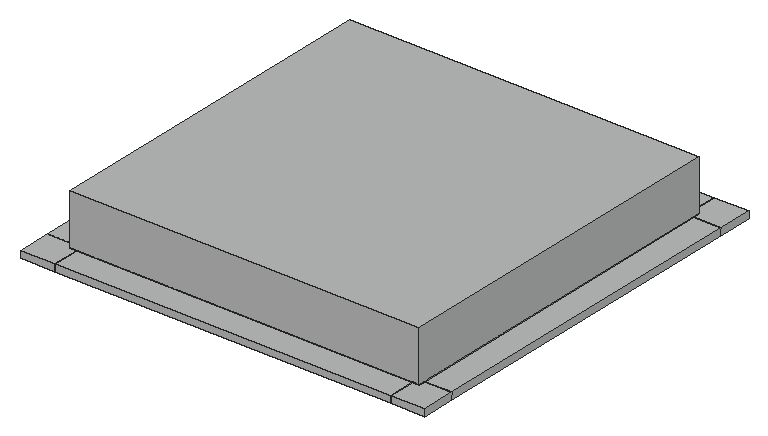
Revit family "ALUMOGIPS", category Осветительные приборы, Revit 2019 (continued)
Types (72, lengths in mm): name | Файл фотометрической сетки | built-in parameter 1150105 | Lumens | built-in parameter 1150106 | built-in parameter 1150142 | Wattage | Emit from Rectangle Width | Emit from Rectangle Length | Длина | Материал светильника | Ширина | ADSK_Ток | ADSK_Полная мощность | ADSK_Обозначение | ADSK_Номинальная мощность | ADSK_Наименование | ADSK_Масса | ADSK_Код изделия
  Alumogips-76/opal-sand 595х1195 (IP40, 4000К, серый) | "Светильник ALUMOGIPS-76 OPAL-SAND-(595x1195).IES" | 604.79 (stored number, unit not read) | 7600 lm | 6.0479 (stored number, unit not read) | "IESNA:LM-63-95\r\n[TEST] Протокол № 9 \r\n[DATA]17.06.2016\r\n[MORE] \r\n[MANUFAC] ЗАО \"Центрстройсвет\"\r\n[LUMCAT]  Светильник CSVT ALUMOGIPS 76/OPAL-SAND-(595x1195)\r\n[LUMINAIRE]\r\n[LAMPCAT] Светодиоды\r\n[LAMP] Поток источника света (светодиодов) не известен\r\n[MORE] КСС приведена в абсолютных величинах кд\r\n[MORE] Вместо потока лампы, указан поток светильника.\r\nTILT=NONE\r\n1    7550 1.0 37 73 1 2 0.595 1.195 0.04\r\n1.0 1.0 74.9\r\n0.0 5.0 10.0 15.0 20.0 25.0 30.0 35.0 40.0 45.0 50.0 55.0 60.0 65.0 70.0 75.0 80.0 85.0 90.0 95.0 100.0 105.0 110.0 115.0 120.0 125.0 130.0 135.0 140.0 145.0 150.0 155.0 160.0 165.0 170.0 175.0 180.0\r\n0.0 5.0 10.0 15.0 20.0 25.0 30.0 35.0 40.0 45.0 50.0 55.0 60.0 65.0 70.0 75.0 80.0 85.0 90.0 95.0 100.0 105.0 110.0 115.0 120.0 125.0 130.0 135.0 140.0 145.0 150.0 155.0 160.0 165.0 170.0 175.0 180.0 185.0 190.0 195.0 200.0 205.0 210.0 215.0 220.0 225.0 230.0 235.0 240.0 245.0 250.0 255.0 260.0 265.0 270.0 275.0 280.0 285.0 290.0 295.0 300.0 305.0 310.0 315.0 320.0 325.0 330.0 335.0 340.0 345.0 350.0 355.0 360.0\r\n2801.4 2785.1 2737.6 2663.2 2562.0 2429.4 2290.6 2118.8 1925.9 1735.4 1535.0 1324.4 1112.9 901.8 690.7 489.4 303.1 133.0 17.7 0.1 0.0 0.0 0.0 0.0 0.0 0.0 0.0 0.0 0.0 0.0 0.1 0.0 0.0 0.0 0.0 0.0 0.0\r\n2801.4 2783.6 2740.4 2670.6 2563.2 2433.9 2284.8 2117.8 1931.7 1740.0 1531.7 1320.8 1111.8 900.3 688.8 487.1 302.0 131.8 17.4 0.1 0.0 0.0 0.0 0.0 0.0 0.0 0.0 0.0 0.0 0.1 0.2 0.0 0.0 0.0 0.0 0.0 0.0\r\n2801.4 2783.8 2740.1 2669.6 2559.8 2437.9 2282.9 2111.9 1930.5 1728.9 1531.4 1321.6 1111.6 899.1 686.0 486.5 299.7 131.3 16.8 0.0 0.0 0.0 0.0 0.0 0.0 0.0 0.0 0.0 0.0 0.2 0.2 0.0 0.0 0.0 0.0 0.0 0.0\r\n2801.4 2785.7 2740.9 2666.1 2563.1 2439.1 2281.6 2114.8 1927.2 1733.6 1527.4 1319.2 1106.4 894.2 684.5 484.4 297.8 130.0 15.9 0.0 0.0 0.0 0.0 0.0 0.0 0.0 0.0 0.0 0.0 0.2 0.2 0.0 0.0 0.0 0.0 0.0 0.0\r\n2801.4 2787.7 2735.0 2667.8 2565.9 2434.8 2279.5 2114.9 1929.7 1734.5 1529.4 1317.9 1103.8 893.2 684.3 483.2 295.6 129.2 15.3 0.0 0.0 0.0 0.0 0.0 0.0 0.0 0.0 0.0 0.0 0.2 0.3 0.0 0.0 0.0 0.0 0.0 0.0\r\n2801.4 2788.1 2737.0 2667.9 2568.6 2430.9 2285.5 2111.7 1926.2 1727.4 1528.1 1317.9 1105.0 892.3 683.4 483.3 294.5 128.2 14.9 0.0 0.0 0.0 0.0 0.0 0.0 0.0 0.0 0.0 0.0 0.2 0.3 0.0 0.0 0.0 0.0 0.0 0.0\r\n2801.4 2787.4 2739.0 2670.1 2564.0 2433.7 2278.9 2109.0 1926.1 1733.9 1524.6 1315.4 1104.0 890.7 681.8 479.4 293.8 128.0 14.6 0.0 0.0 0.0 0.0 0.0 0.0 0.0 0.0 0.0 0.0 0.1 0.3 0.1 0.0 0.0 0.0 0.0 0.0\r\n2801.4 2786.3 2739.7 2669.4 2557.4 2432.8 2277.6 2111.7 1931.1 1727.3 1525.2 1315.1 1102.2 889.6 681.4 479.6 291.8 127.8 14.2 0.0 0.0 0.0 0.0 0.0 0.0 0.0 0.0 0.0 0.0 0.1 0.3 0.2 0.0 0.0 0.0 0.0 0.0\r\n2801.4 2785.3 2742.5 2668.2 2563.1 2432.7 2280.9 2112.8 1924.8 1728.9 1524.9 1314.9 1101.8 890.7 677.5 480.9 291.0 127.5 13.7 0.0 0.0 0.0 0.0 0.0 0.0 0.0 0.0 0.0 0.0 0.0 0.3 0.2 0.0 0.0 0.0 0.0 0.0\r\n2801.4 2784.5 2742.4 2670.1 2562.6 2435.3 2283.6 2107.5 1924.8 1723.4 1524.0 1312.7 1101.8 886.6 680.9 477.5 290.9 127.4 13.2 0.0 0.0 0.0 0.0 0.0 0.0 0.0 0.0 0.0 0.0 0.0 0.2 0.2 0.0 0.0 0.0 0.0 0.0\r\n2801.4 2783.5 2743.9 2664.8 2565.6 2437.3 2287.2 2105.1 1922.5 1726.2 1522.2 1313.8 1100.7 888.5 679.6 476.6 290.4 127.0 12.5 0.0 0.0 0.0 0.0 0.0 0.0 0.0 0.0 0.0 0.0 0.0 0.2 0.3 0.0 0.0 0.0 0.0 0.0\r\n2801.4 2782.7 2742.5 2665.0 2564.3 2440.9 2278.7 2108.3 1920.9 1727.3 1521.8 1311.4 1099.6 888.9 677.4 478.3 289.0 127.4 12.0 0.0 0.0 0.0 0.0 0.0 0.0 0.0 0.0 0.0 0.0 0.0 0.2 0.4 0.0 0.0 0.0 0.0 0.0\r\n2801.4 2783.4 2743.4 2670.1 2565.6 2440.4 2281.8 2110.3 1923.2 1725.4 1520.9 1312.2 1097.8 887.1 679.8 476.2 289.6 126.5 11.0 0.0 0.0 0.0 0.0 0.0 0.0 0.0 0.0 0.0 0.0 0.0 0.2 0.5 0.0 0.0 0.0 0.0 0.0\r\n2801.4 2785.1 2742.5 2669.7 2568.0 2432.5 2279.3 2107.4 1924.9 1724.7 1522.4 1312.9 1100.4 886.8 678.4 476.6 291.0 125.4 10.2 0.0 0.0 0.0 0.0 0.0 0.0 0.0 0.0 0.0 0.0 0.0 0.2 0.5 0.0 0.0 0.0 0.0 0.0\r\n2801.4 2786.5 2740.0 2669.5 2575.5 2435.6 2280.3 2108.8 1922.7 1724.0 1526.1 1310.2 1095.3 887.4 677.8 477.5 287.8 127.4 10.0 0.0 0.0 0.0 0.0 0.0 0.0 0.0 0.0 0.0 0.0 0.0 0.2 0.6 0.0 0.0 0.0 0.0 0.0\r\n2801.4 2786.7 2740.5 2670.6 2573.0 2438.9 2275.4 2107.1 1917.0 1722.5 1517.4 1310.8 1097.8 887.0 678.6 476.7 287.7 127.4 9.4 0.0 0.0 0.0 0.0 0.0 0.0 0.0 0.0 0.0 0.0 0.0 0.1 0.7 0.0 0.0 0.0 0.0 0.0\r\n2801.4 2786.2 2741.4 2673.1 2574.2 2432.8 2279.2 2101.4 1922.2 1719.6 1519.1 1310.3 1098.5 884.9 676.9 471.5 290.5 126.8 9.3 0.0 0.0 0.0 0.0 0.0 0.0 0.0 0.0 0.0 0.0 0.0 0.1 0.7 0.0 0.0 0.0 0.0 0.0\r\n2801.4 2786.0 2743.7 2673.4 2579.7 2439.7 2280.3 2110.3 1920.8 1719.9 1524.4 1312.9 1099.7 886.3 677.8 474.8 288.9 127.4 9.7 0.0 0.0 0.0 0.0 0.0 0.0 0.0 0.0 0.0 0.0 0.0 0.1 0.8 0.0 0.0 0.0 0.0 0.0\r\n2801.4 2786.3 2742.9 2669.8 2577.9 2439.3 2277.0 2103.8 1922.6 1726.9 1519.1 1310.8 1097.5 886.4 677.5 472.8 288.8 128.0 9.4 0.0 0.0 0.0 0.0 0.0 0.0 0.0 0.0 0.0 0.0 0.0 0.1 0.8 0.0 0.0 0.0 0.0 0.0\r\n2801.4 2786.2 2743.1 2670.4 2578.2 2440.7 2276.9 2105.5 1923.0 1727.2 1519.6 1311.1 1096.4 886.5 676.9 471.9 288.6 128.0 9.3 0.0 0.0 0.0 0.0 0.0 0.0 0.0 0.0 0.0 0.0 0.0 0.1 0.8 0.0 0.0 0.0 0.0 0.0\r\n2801.4 2786.0 2743.4 2673.6 2579.2 2437.4 2278.9 2108.3 1921.0 1720.5 1524.2 1312.9 1099.5 886.0 678.5 475.2 288.9 127.7 9.7 0.0 0.0 0.0 0.0 0.0 0.0 0.0 0.0 0.0 0.0 0.0 0.1 0.7 0.0 0.0 0.0 0.0 0.0\r\n2801.4 2786.3 2741.0 2672.8 2573.1 2434.3 2279.9 2101.6 1921.5 1719.9 1519.4 1310.8 1098.8 884.7 676.7 472.2 290.2 126.2 9.4 0.0 0.0 0.0 0.0 0.0 0.0 0.0 0.0 0.0 0.0 0.0 0.1 0.7 0.0 0.0 0.0 0.0 0.0\r\n2801.4 2786.8 2740.4 2670.1 2573.6 2438.3 2275.9 2107.2 1916.7 1721.4 1517.2 1309.7 1098.4 887.4 678.7 476.2 288.5 127.3 9.4 0.0 0.0 0.0 0.0 0.0 0.0 0.0 0.0 0.0 0.0 0.0 0.1 0.6 0.0 0.0 0.0 0.0 0.0\r\n2801.4 2786.3 2740.2 2669.7 2574.4 2436.1 2280.1 2107.9 1924.3 1724.9 1525.9 1311.1 1095.1 886.7 677.5 477.8 288.0 127.4 10.0 0.0 0.0 0.0 0.0 0.0 0.0 0.0 0.0 0.0 0.0 0.0 0.2 0.6 0.0 0.0 0.0 0.0 0.0\r\n2801.4 2784.7 2743.1 2669.7 2567.5 2432.5 2279.9 2108.9 1923.1 1724.7 1522.2 1312.8 1100.6 887.2 678.1 477.5 290.2 125.6 10.4 0.0 0.0 0.0 0.0 0.0 0.0 0.0 0.0 0.0 0.0 0.0 0.2 0.5 0.0 0.0 0.0 0.0 0.0\r\n2801.4 2783.2 2743.0 2669.5 2565.0 2440.4 2281.5 2110.2 1924.6 1725.2 1522.4 1312.5 1097.6 887.6 680.6 475.2 290.4 126.5 11.2 0.0 0.0 0.0 0.0 0.0 0.0 0.0 0.0 0.0 0.0 0.0 0.2 0.4 0.0 0.0 0.0 0.0 0.0\r\n2801.4 2782.8 2742.8 2664.4 2564.0 2441.1 2277.9 2108.3 1919.7 1727.4 1521.6 1311.8 1099.5 888.9 677.5 478.6 288.7 127.4 12.1 0.0 0.0 0.0 0.0 0.0 0.0 0.0 0.0 0.0 0.0 0.0 0.2 0.3 0.0 0.0 0.0 0.0 0.0\r\n2801.4 2783.7 2743.7 2665.6 2565.3 2436.1 2288.3 2105.8 1923.1 1725.8 1522.5 1313.8 1101.5 888.8 678.9 476.9 290.5 127.1 12.8 0.0 0.0 0.0 0.0 0.0 0.0 0.0 0.0 0.0 0.0 0.0 0.2 0.2 0.0 0.0 0.0 0.0 0.0\r\n2801.4 2784.7 2742.3 2670.3 2562.8 2435.0 2284.0 2107.7 1924.6 1725.6 1523.4 1312.6 1101.1 886.4 681.5 477.7 291.1 127.3 13.4 0.0 0.0 0.0 0.0 0.0 0.0 0.0 0.0 0.0 0.0 0.0 0.3 0.2 0.0 0.0 0.0 0.0 0.0\r\n2801.4 2785.4 2742.2 2668.2 2562.5 2433.7 2279.9 2112.7 1926.2 1727.8 1524.6 1315.4 1102.1 890.8 677.5 481.1 290.8 127.7 13.8 0.0 0.0 0.0 0.0 0.0 0.0 0.0 0.0 0.0 0.0 0.1 0.3 0.2 0.0 0.0 0.0 0.0 0.0\r\n2801.4 2786.5 2739.3 2669.5 2557.0 2431.0 2277.2 2111.7 1930.1 1727.5 1526.2 1314.4 1102.1 889.6 681.7 479.6 292.4 127.8 14.3 0.0 0.0 0.0 0.0 0.0 0.0 0.0 0.0 0.0 0.0 0.1 0.3 0.1 0.0 0.0 0.0 0.0 0.0\r\n2801.4 2787.6 2738.8 2670.1 2566.8 2433.7 2280.1 2108.4 1926.6 1733.6 1526.4 1317.2 1105.5 890.9 682.2 479.7 293.8 128.0 14.7 0.0 0.0 0.0 0.0 0.0 0.0 0.0 0.0 0.0 0.0 0.1 0.3 0.1 0.0 0.0 0.0 0.0 0.0\r\n2801.4 2788.2 2736.3 2667.5 2567.1 2433.1 2285.2 2112.2 1926.5 1727.4 1526.8 1317.6 1104.6 893.0 683.4 483.8 294.8 128.4 14.9 0.0 0.0 0.0 0.0 0.0 0.0 0.0 0.0 0.0 0.0 0.2 0.3 0.0 0.0 0.0 0.0 0.0 0.0\r\n2801.4 2787.4 2735.7 2667.6 2565.5 2434.1 2279.6 2115.7 1929.9 1735.1 1528.5 1318.3 1103.7 893.8 684.5 483.3 295.8 129.3 15.4 0.0 0.0 0.0 0.0 0.0 0.0 0.0 0.0 0.0 0.0 0.2 0.2 0.0 0.0 0.0 0.0 0.0 0.0\r\n2801.4 2785.3 2741.4 2666.4 2562.5 2438.5 2281.4 2114.5 1927.8 1733.3 1529.6 1318.7 1107.1 894.2 684.8 484.7 298.3 130.2 16.2 0.0 0.0 0.0 0.0 0.0 0.0 0.0 0.0 0.0 0.0 0.2 0.2 0.0 0.0 0.0 0.0 0.0 0.0\r\n2801.4 2783.6 2740.0 2670.2 2560.3 2439.0 2281.8 2112.7 1930.5 1729.7 1531.4 1321.8 1111.6 899.4 686.5 487.0 300.1 131.4 17.0 0.0 0.0 0.0 0.0 0.0 0.0 0.0 0.0 0.0 0.0 0.2 0.2 0.0 0.0 0.0 0.0 0.0 0.0\r\n2801.4 2783.8 2740.1 2669.6 2563.6 2432.3 2286.0 2116.4 1932.0 1740.1 1531.9 1321.8 1112.6 901.0 689.2 487.4 302.2 132.0 17.6 0.1 0.0 0.0 0.0 0.0 0.0 0.0 0.0 0.0 0.0 0.1 0.1 0.0 0.0 0.0 0.0 0.0 0.0\r\n2801.4 2785.5 2737.1 2663.3 2561.8 2431.3 2291.7 2119.0 1926.3 1736.5 1535.0 1324.6 1112.8 901.5 690.9 489.7 303.6 133.1 17.8 0.1 0.0 0.0 0.0 0.0 0.0 0.0 0.0 0.0 0.0 0.0 0.0 0.0 0.0 0.0 0.0 0.0 0.0\r\n2801.4 2786.9 2737.3 2668.9 2562.8 2437.7 2285.9 2119.0 1936.6 1742.8 1535.6 1329.2 1117.7 904.4 692.0 490.7 304.9 134.5 18.0 0.1 0.0 0.0 0.0 0.0 0.0 0.0 0.0 0.0 0.0 0.0 0.0 0.0 0.0 0.0 0.0 0.0 0.0\r\n2801.4 2786.7 2739.2 2663.9 2564.2 2432.7 2285.5 2113.9 1936.0 1744.3 1537.9 1329.1 1118.6 903.3 695.7 492.3 305.8 136.0 18.2 0.1 0.0 0.0 0.0 0.0 0.0 0.0 0.0 0.0 0.1 0.1 0.0 0.0 0.0 0.0 0.0 0.0 0.0\r\n2801.4 2785.5 2737.3 2663.2 2568.9 2440.3 2284.0 2126.7 1933.3 1744.6 1539.5 1333.5 1118.0 906.0 695.8 495.1 307.2 137.4 18.3 0.1 0.0 0.0 0.0 0.0 0.0 0.0 0.0 0.0 0.1 0.1 0.0 0.0 0.0 0.0 0.0 0.0 0.0\r\n2801.4 2785.3 2737.3 2662.9 2556.7 2434.0 2287.7 2125.9 1937.9 1745.2 1542.6 1330.5 1120.7 907.0 698.9 495.4 307.6 138.6 18.4 0.1 0.0 0.0 0.0 0.0 0.0 0.0 0.0 0.0 0.0 0.1 0.0 0.0 0.0 0.0 0.0 0.0 0.0\r\n2801.4 2786.7 2737.3 2664.2 2562.9 2437.7 2287.7 2121.2 1939.3 1740.9 1541.9 1332.0 1124.0 908.1 702.4 497.7 307.1 139.5 18.6 0.0 0.0 0.0 0.0 0.0 0.0 0.0 0.0 0.0 0.0 0.1 0.0 0.0 0.0 0.0 0.0 0.0 0.0\r\n2801.4 2787.5 2735.9 2663.3 2561.5 2436.6 2283.6 2117.2 1939.2 1746.3 1547.1 1338.3 1124.5 911.0 701.3 497.4 308.3 140.6 18.4 0.0 0.0 0.0 0.0 0.0 0.0 0.0 0.0 0.0 0.1 0.1 0.0 0.0 0.0 0.0 0.0 0.0 0.0\r\n2801.4 2786.9 2736.7 2660.5 2562.5 2432.8 2285.7 2118.8 1939.9 1745.3 1546.5 1333.3 1126.2 911.7 701.7 498.6 308.5 140.4 18.3 0.0 0.0 0.0 0.0 0.0 0.0 0.0 0.0 0.0 0.0 0.1 0.0 0.0 0.0 0.0 0.0 0.0 0.0\r\n2801.4 2786.0 2740.0 2662.7 2561.6 2432.7 2285.4 2121.9 1941.7 1747.4 1545.5 1338.8 1126.5 911.1 703.5 499.5 309.2 140.5 18.1 0.0 0.0 0.0 0.0 0.0 0.0 0.0 0.0 0.0 0.0 0.0 0.0 0.0 0.0 0.0 0.0 0.0 0.0\r\n2801.4 2785.3 2740.1 2665.5 2560.9 2431.9 2280.7 2123.2 1944.4 1748.3 1546.5 1337.6 1128.1 912.6 703.2 500.1 308.6 141.7 17.7 0.0 0.0 0.0 0.0 0.0 0.0 0.0 0.0 0.0 0.1 0.0 0.0 0.0 0.0 0.0 0.0 0.0 0.0\r\n2801.4 2785.1 2738.3 2661.5 2554.3 2430.0 2287.1 2124.1 1942.5 1749.7 1550.8 1339.2 1127.5 913.7 702.5 498.5 311.4 141.4 16.8 0.0 0.0 0.0 0.0 0.0 0.0 0.0 0.0 0.1 0.2 0.0 0.0 0.0 0.0 0.0 0.0 0.0 0.0\r\n2801.4 2785.0 2740.3 2660.5 2557.0 2431.7 2284.0 2122.2 1942.5 1753.3 1548.2 1337.3 1128.7 914.1 703.2 500.9 309.3 141.9 16.2 0.0 0.0 0.0 0.0 0.0 0.0 0.0 0.0 0.2 0.2 0.0 0.0 0.0 0.0 0.0 0.0 0.0 0.0\r\n2801.4 2784.6 2737.5 2662.5 2558.0 2426.3 2287.7 2120.1 1942.9 1751.4 1551.8 1339.6 1128.3 914.0 703.1 503.4 308.4 142.2 15.6 0.0 0.0 0.0 0.0 0.0 0.0 0.0 0.0 0.2 0.3 0.0 0.0 0.0 0.0 0.0 0.0 0.0 0.0\r\n2801.4 2784.0 2737.3 2660.7 2555.7 2431.7 2286.2 2123.1 1945.1 1751.7 1549.2 1343.7 1129.3 916.9 706.1 500.5 311.7 143.4 15.2 0.0 0.0 0.0 0.0 0.0 0.0 0.0 0.1 0.2 0.4 0.0 0.0 0.0 0.0 0.0 0.0 0.0 0.0\r\n2801.4 2783.5 2739.6 2659.1 2549.2 2429.8 2289.3 2124.6 1942.0 1751.8 1547.5 1338.7 1129.6 916.1 706.0 502.1 311.0 142.5 15.1 0.0 0.0 0.0 0.0 0.0 0.0 0.0 0.1 0.2 0.4 0.0 0.0 0.0 0.0 0.0 0.0 0.0 0.0\r\n2801.4 2783.5 2738.2 2659.1 2551.1 2429.3 2285.5 2122.0 1945.1 1752.3 1552.7 1345.3 1130.2 916.9 708.9 501.2 310.1 144.3 15.1 0.0 0.0 0.0 0.0 0.0 0.0 0.0 0.1 0.3 0.4 0.0 0.0 0.0 0.0 0.0 0.0 0.0 0.0\r\n2801.4 2784.2 2738.8 2660.6 2548.9 2425.4 2284.7 2124.8 1944.3 1749.7 1549.0 1340.8 1132.0 920.4 709.2 500.6 312.3 145.6 14.8 0.0 0.0 0.0 0.0 0.0 0.0 0.0 0.2 0.3 0.4 0.0 0.0 0.0 0.0 0.0 0.0 0.0 0.0\r\n2801.4 2785.1 2739.0 2658.3 2548.0 2430.3 2287.7 2128.7 1944.8 1755.6 1552.9 1344.8 1127.7 918.2 708.1 501.1 310.9 143.6 14.3 0.0 0.0 0.0 0.0 0.0 0.0 0.0 0.2 0.2 0.4 0.0 0.0 0.0 0.0 0.0 0.0 0.0 0.0\r\n2801.4 2785.0 2739.0 2659.4 2548.6 2430.6 2288.4 2129.0 1946.0 1755.7 1553.6 1344.8 1125.6 916.3 706.8 500.7 309.9 143.0 14.3 0.0 0.0 0.0 0.0 0.0 0.0 0.0 0.2 0.2 0.4 0.0 0.0 0.0 0.0 0.0 0.0 0.0 0.0\r\n2801.4 2784.1 2738.5 2660.1 2548.7 2426.1 2284.6 2124.3 1944.6 1750.2 1548.5 1341.2 1132.9 920.6 709.6 500.8 312.6 145.6 14.8 0.0 0.0 0.0 0.0 0.0 0.0 0.0 0.2 0.3 0.4 0.0 0.0 0.0 0.0 0.0 0.0 0.0 0.0\r\n2801.4 2783.5 2738.5 2659.2 2551.9 2429.0 2285.2 2123.1 1944.2 1752.7 1554.1 1344.7 1129.6 917.7 709.3 501.3 310.2 144.4 14.9 0.0 0.0 0.0 0.0 0.0 0.0 0.0 0.1 0.3 0.4 0.0 0.0 0.0 0.0 0.0 0.0 0.0 0.0\r\n2801.4 2783.5 2739.5 2659.3 2548.8 2429.7 2289.5 2124.0 1941.5 1750.2 1546.8 1338.9 1130.1 915.3 705.9 502.4 309.9 142.5 15.3 0.0 0.0 0.0 0.0 0.0 0.0 0.0 0.1 0.2 0.4 0.0 0.0 0.0 0.0 0.0 0.0 0.0 0.0\r\n2801.4 2784.1 2736.6 2661.3 2556.7 2431.5 2285.9 2122.0 1945.8 1752.1 1549.3 1343.5 1129.1 916.9 705.5 500.2 312.6 142.8 15.3 0.0 0.0 0.0 0.0 0.0 0.0 0.0 0.0 0.2 0.4 0.0 0.0 0.0 0.0 0.0 0.0 0.0 0.0\r\n2801.4 2784.7 2738.2 2662.1 2558.6 2427.2 2287.5 2120.9 1941.9 1750.0 1550.5 1339.6 1127.8 914.1 703.8 502.7 308.6 142.3 15.6 0.0 0.0 0.0 0.0 0.0 0.0 0.0 0.0 0.2 0.2 0.0 0.0 0.0 0.0 0.0 0.0 0.0 0.0\r\n2801.4 2785.0 2740.0 2660.6 2556.4 2430.7 2282.5 2122.9 1942.2 1754.8 1549.0 1337.6 1128.6 914.4 701.8 501.3 309.2 141.9 16.3 0.0 0.0 0.0 0.0 0.0 0.0 0.0 0.0 0.1 0.2 0.0 0.0 0.0 0.0 0.0 0.0 0.0 0.0\r\n2801.4 2785.1 2738.3 2661.9 2554.4 2431.0 2289.2 2123.3 1943.9 1748.6 1550.3 1339.2 1127.2 913.4 702.6 498.5 311.2 141.1 17.0 0.0 0.0 0.0 0.0 0.0 0.0 0.0 0.0 0.1 0.2 0.0 0.0 0.0 0.0 0.0 0.0 0.0 0.0\r\n2801.4 2785.4 2740.5 2665.8 2562.2 2431.4 2279.8 2124.1 1942.8 1748.1 1547.0 1337.3 1128.6 912.0 703.8 498.9 308.4 141.7 17.7 0.0 0.0 0.0 0.0 0.0 0.0 0.0 0.0 0.0 0.1 0.0 0.0 0.0 0.0 0.0 0.0 0.0 0.0\r\n2801.4 2786.1 2739.5 2661.5 2562.2 2433.4 2285.9 2120.6 1941.9 1748.4 1543.7 1338.3 1125.8 911.4 701.9 500.5 309.1 140.4 18.2 0.0 0.0 0.0 0.0 0.0 0.0 0.0 0.0 0.0 0.0 0.0 0.0 0.0 0.0 0.0 0.0 0.0 0.0\r\n2801.4 2787.1 2736.2 2661.1 2560.8 2433.8 2284.0 2117.5 1940.0 1745.1 1547.1 1333.3 1125.8 911.1 702.0 498.1 308.3 140.4 18.3 0.0 0.0 0.0 0.0 0.0 0.0 0.0 0.0 0.0 0.1 0.1 0.0 0.0 0.0 0.0 0.0 0.0 0.0\r\n2801.4 2787.5 2736.1 2663.6 2563.1 2435.4 2286.8 2118.9 1937.6 1745.6 1546.6 1337.6 1124.9 911.1 701.8 497.2 308.0 140.5 18.5 0.0 0.0 0.0 0.0 0.0 0.0 0.0 0.0 0.0 0.1 0.1 0.0 0.0 0.0 0.0 0.0 0.0 0.0\r\n2801.4 2786.4 2737.4 2664.5 2561.6 2437.6 2286.9 2120.4 1940.7 1741.5 1541.1 1331.6 1123.8 907.4 701.2 497.3 307.1 139.3 18.6 0.0 0.0 0.0 0.0 0.0 0.0 0.0 0.0 0.0 0.0 0.1 0.0 0.0 0.0 0.0 0.0 0.0 0.0\r\n2801.4 2785.2 2737.3 2662.3 2558.2 2435.6 2286.1 2124.6 1937.9 1744.7 1543.5 1330.0 1120.0 906.2 698.7 495.4 307.5 138.5 18.4 0.1 0.0 0.0 0.0 0.0 0.0 0.0 0.0 0.0 0.0 0.1 0.0 0.0 0.0 0.0 0.0 0.0 0.0\r\n2801.4 2785.6 2737.6 2663.6 2569.0 2439.1 2285.2 2127.4 1933.6 1743.5 1538.8 1334.1 1117.6 906.5 695.9 494.5 307.0 137.1 18.3 0.1 0.0 0.0 0.0 0.0 0.0 0.0 0.0 0.0 0.1 0.1 0.0 0.0 0.0 0.0 0.0 0.0 0.0\r\n2801.4 2786.9 2739.1 2664.5 2563.5 2433.2 2284.7 2114.5 1934.4 1744.1 1538.1 1328.4 1118.8 902.8 695.1 492.0 305.7 135.6 18.2 0.1 0.0 0.0 0.0 0.0 0.0 0.0 0.0 0.0 0.1 0.1 0.0 0.0 0.0 0.0 0.0 0.0 0.0\r\n2801.4 2786.8 2737.0 2668.8 2562.8 2437.8 2286.5 2117.8 1937.3 1743.3 1534.3 1328.6 1116.9 903.7 691.6 490.4 304.7 134.2 17.9 0.1 0.0 0.0 0.0 0.0 0.0 0.0 0.0 0.0 0.0 0.0 0.0 0.0 0.0 0.0 0.0 0.0 0.0\r\n2801.4 2785.1 2737.6 2663.2 2562.0 2429.4 2290.6 2118.8 1925.9 1735.4 1535.0 1324.4 1112.9 901.8 690.7 489.4 303.1 133.0 17.7 0.1 0.0 0.0 0.0 0.0 0.0 0.0 0.0 0.0 0.0 0.0 0.1 0.0 0.0 0.0 0.0 0.0 0.0\r\n" | 51.164 W | 575 | 
    1175 | 1195 | RAL 9006 | 595 | 0.359168 A | 82.6087 VA | "Alumogips-76/opal-sand 595х1195 (IP40, 4000К, серый)" | 76 W | "Встраиваемый светодиодный светильник Alumogips-76/opal-sand 595х1195 (IP40, 4000К, серый)" | 5 | "ЦБ000007032"
